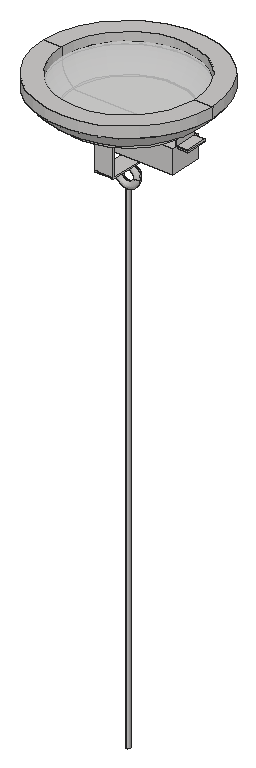
Revit family "0039317", category Lighting Fixtures, host Face, Revit 2017
Family settings
  Host = Face
  Round Connector Dimension = Use Diameter
  Part Type = Normal
  OmniClass Number = 23.80.70.11.17
  OmniClass Title = Specialized Lighting by Location or Use
  Cut with Voids When Loaded = No
  Light Source = Yes
  Shared = No
  Room Calculation Point = No
Parameters (values of type "START LED HIGHBAY 4000K 20KLM MEDIUM DALI")
  Weight = 4.5 kg
  Wattage = 188.541 W
  built-in parameter 1150110 = 1 (stored number, unit not read)
  Voltage Comments = "UNV (Universal Voltage; 220-240 Volt)"  # constant formula
  Voltage = 230 V  # constant formula
  URL = "https://www.sylvania-lighting.com"
  Radius = 140.2 mm
  Mounting Material = Metal_Sylvania_Start LED HighBay_Silver
  Mounting Height = 1000.0 mm
  Mounting Radius = 50.0 mm
  Mounting Brackets Distance = Radius - 45.5 mm  # 94.7 mm
  Mounting Bracket Width = 100.0 mm
  Mounting Bracket Length = 30.0 mm
  Housing Material = Magnesium_Sylvania_Start LED HighBay_Silver_RAL 9006
  Energy Class = "A++,A+,A"  # constant formula
  Electrical Protection = "CLASS I"  # constant formula
  Diffuser Radius = Radius - 30.0 mm  # 110.2 mm
  built-in parameter 1114217 = 1 (stored number, unit not read)
  Tilt Angle = -90°
  built-in parameter 1150109 = 1 (stored number, unit not read)
  built-in parameter 1150134 = 12
  built-in parameter 1150113 = 1 (stored number, unit not read)
  Product Page URL = "https://www.sylvania-lighting.com/product/en-int/products/0039317"
  Product Family = "Start LED Highbay"  # constant formula
  Photometry Comments = ""
  Photometric Web File = "0039317_STARTLEDHIGHBAY4000K20KLMMEDIUMDALI-207940.ies"
  Life = "50 000 h"  # constant formula
  IP Rating = "IP65"  # constant formula
  IK Rating = "IK08"  # constant formula
  Emit from Circle Diameter = Diffuser Diameter  # 220.4 mm
  Drive Current = "4200 mA"
  Diffuser Diameter = Diameter - 60.0 mm  # 220.4 mm
  Diffuser Material = Polycarbonate_Sylvania_Start LED HighBay_Clear
  built-in parameter 1114216 [instance] = 1 (stored number, unit not read)
  Model = "START LED HIGHBAY 4000K 20KLM MEDIUM DALI"
  Manufacturer = "Feilo-Sylvania Group"
  built-in parameter 1150105 = 22226.5 (stored number, unit not read)
  Lumens = 20962 lm
  built-in parameter 1150115 = 1 (stored number, unit not read)
  built-in parameter 1150137 = (empty or 0)
  built-in parameter 1150139 = (empty or 0)
  built-in parameter 1150112 = 1 (stored number, unit not read)
  built-in parameter 1150114 = 1 (stored number, unit not read)
  Lamp = "LED Panel"  # constant formula
  built-in parameter 1150132 = 2
  built-in parameter 1150102 = (empty or 0)
  built-in parameter 1150107 = 4000 (stored number, unit not read)
  built-in parameter 1150138 = (empty or 0)
  built-in parameter 1150106 = 222.26 (stored number, unit not read)
  Diameter = Radius * 2  # 280.4 mm
  Emit Shape Visible in Rendering = yes
  built-in parameter 1150104 = 10.329 (stored number, unit not read)
  Dimming Lamp Color Temperature Shift = <None>
  Description = "The new Start LED Highbay is a range of industrial fixtures developed for retail, industry, manufacturing, airports and data centres. Start LED Highbay delivers high performance: up to 21,573 lm (luminaire lumen output on 190W version) and delivers up to 114 lm/W (total system efficiency). Start LED Highbay is available in 2 versions (95W or 190W) and 2 beam angles (medium or wide beam), allowing you to choose the best option depending the job on hand. Being part of the EVO LED range of luminaires means Start LED Highbay has been developed for efficiency, functionality and reliability; making it the go-to range for installers and contractors."  # constant formula
  Default Elevation = 0.0 mm
  Color Filter = 16777215
  Catalog Number = "0039317 START LED HIGHBAY 4000K 20KLM MEDIUM DALI"
  built-in parameter 1140040 [instance] = 1
  Beam Angle = 55°
  built-in parameter 1114218 = 1 (stored number, unit not read)
  built-in parameter 1150133 = 10 (stored number, unit not read)
  Assembly Code = "D5020200"
  Apparent Load Comments = ""
  Apparent Load = 190 VA
Reference planes
  plane 1 "Center (Front/Back)": y = 0
  plane 2 "Fixture Top": z = 0
  plane 3 "Center (Left/Right)": x = 0
  plane 4 "Fixture Bottom": z = 1000
  plane 5: z = 982
  plane 6 "Head Top": z = 942
  plane 7: z = 986.5
  plane 8: z = 850
  plane 9: z = 932
  plane 10: z = 894.5
  plane 11: z = 870
  plane 12: z = 945
  plane 13: y = -50
  plane 14: y = 50
  plane 15: x = 15
  plane 16: x = -15
  plane 17: y = -17.5
  plane 18: y = 17.5
  plane 19: x = -94.7
  plane 20: x = 94.7
  plane 21: y = -25.5
  plane 22: y = 25.5
Forms (mm)
  Revolve 1, solid, material "Magnesium_Sylvania_Start LED HighBay_Silver_RAL 9006" <- "Housing Material", detail levels fine
    sketch origin (0, 0, 0) x (1, 0, 0) y (0, 0, 1)
      loop
        line (-140.2, 1000) -> (-140.2, 982)
        arc (-140.2, 982) -> (-119.514, 960.962) -> (-94.7, 945) r 133.031
        line (-94.7, 945) -> (-94.7, 942) -> (0, 942) -> (0, 945) -> (-91.718, 945) -> (-91.718, 947)
        arc (-91.718, 947) -> (-105.296, 962.21) -> (-110.2, 982) r 42.382
        line (-110.2, 982) -> (-110.2, 1000) -> (-140.2, 1000)
      axis (0, 1000) -> (0, 942)
    angle from 0 to 360
  Extrusion 2, solid, material "Metal_Sylvania_Start LED HighBay_Silver" <- "Mounting Material", detail levels fine
    sketch origin (0, 0, 0) x (0, 1, 0) y (0, 0, 1)
      loop
        line (50, 942) -> (48, 942) -> (48, 874)
        arc (48, 874) -> (47.414, 872.586) -> (46, 872) r 2
        line (46, 872) -> (-46, 872)
        arc (-46, 872) -> (-47.414, 872.586) -> (-48, 874) r 2
        line (-48, 874) -> (-48, 942) -> (-50, 942) -> (-50, 872)
        arc (-50, 872) -> (-49.414, 870.586) -> (-48, 870) r 2
        line (-48, 870) -> (48, 870)
        arc (48, 870) -> (49.414, 870.586) -> (50, 872) r 2
        line (50, 872) -> (50, 942)
    from -15 to 15
  Sweep 3, solid, material "Metal_Sylvania_Start LED HighBay_Silver" <- "Mounting Material", detail levels fine
    path origin (0, 0, 0) x (1, 0, 0) y (0, 0, 1)
      loop
        circle (0, 850) r 15
    profile origin (0, 0, 865) x (0, 0, -1) y (0, -1, 0)
      loop
        circle (0, 0) r 5
  Extrusion 4, solid, material "Magnesium_Sylvania_Start LED HighBay_Silver_RAL 9006" <- "Housing Material", detail levels fine
    sketch origin (0, 0, 0) x (1, 0, 0) y (0, 0, 1)
      loop
        line (-94.7, 942) -> (-94.7, 934) -> (-112.7, 934) -> (-112.7, 932) -> (-92.7, 932) -> (-92.7, 940) -> (-74.7, 940) -> (-74.7, 942) -> (-94.7, 942)
      loop
        line (94.7, 942) -> (74.7, 942) -> (74.7, 940) -> (92.7, 940) -> (92.7, 932) -> (112.7, 932) -> (112.7, 934) -> (94.7, 934) -> (94.7, 942)
    from -17.5 to 17.5
  Extrusion 5, solid, material "Magnesium_Sylvania_Start LED HighBay_Silver_RAL 9006" <- "Housing Material", detail levels fine
    sketch origin (0, 0, 0) x (0, 1, 0) y (0, 0, 1)
      loop
        line (25.5, 894.5) -> (25.5, 932) -> (-25.5, 932) -> (-25.5, 894.5) -> (25.5, 894.5)
    from -94.7 to 94.7
  Extrusion 6, solid, material "Magnesium_Sylvania_Start LED HighBay_Silver_RAL 9006" <- "Housing Material", detail levels fine
    sketch origin (0, 0, 0) x (1, 0, 0) y (0, 0, 1)
      loop
        line (-112.7, 932) -> (-112.7, 930) -> (-94.7, 930) -> (-94.7, 932) -> (-112.7, 932)
      loop
        line (112.7, 932) -> (94.7, 932) -> (94.7, 930) -> (112.7, 930) -> (112.7, 932)
    from -17.5 to 17.5
  Extrusion 7, solid, material "Metal_Sylvania_Start LED HighBay_Silver" <- "Mounting Material", detail levels fine
    sketch origin (0, 0, 13.919) x (0, -1, 0) y (1, 0, 0)
      loop
        circle (0, 0) r 3
    from -13.919 to 821.081
  Extrusion 8, solid, material "Polycarbonate_Sylvania_Start LED HighBay_Clear" <- "Diffuser Material", detail levels fine
    sketch origin (0, 0, 15) x (0, -1, 0) y (1, 0, 0)
      loop
        circle (0, 0) r 110.2
    from 967 to 971.5
  Revolve 9, solid, material "Magnesium_Sylvania_Start LED HighBay_Silver_RAL 9006" <- "Housing Material", detail levels coarse+medium
    sketch origin (0, 0, 0) x (1, 0, 0) y (0, 0, 1)
      loop
        line (-140.2, 1000) -> (-140.2, 982)
        arc (-140.2, 982) -> (-119.514, 960.962) -> (-94.7, 945) r 133.031
        line (-94.7, 945) -> (-94.7, 942) -> (0, 942) -> (0, 1000) -> (-140.2, 1000)
      axis (0, 942) -> (0, 1000)
    angle from 0 to 360
  Extrusion 10, solid, material "Metal_Sylvania_Start LED HighBay_Silver" <- "Mounting Material", detail levels coarse+medium
    sketch origin (0, 0, 15) x (0, -1, 0) y (1, 0, 0)
      loop
        line (-50, -15) -> (50, -15) -> (50, 15) -> (-50, 15) -> (-50, -15)
    from 855 to 927
Cuts and joins
  joined: Extrusion 5, Extrusion 6
  joined: Sweep 3, Extrusion 7
Lines and regions (mm)
  model lines, detail levels coarse+medium
    curve 1: line (0, 0, 870) -> (0, 0, 0)
Dimensions and locks
  "Radius": plane 3 "Center (Left/Right)" to Revolve 1 sketch curve
  "Diffuser Radius": plane 3 "Center (Left/Right)" to Revolve 1 sketch curve
  locked: Revolve 1 sketch curve to Revolve 1 sketch curve at 45.5
  locked: Revolve 1 sketch curve to Revolve 1 sketch curve at 48.482
  equal spacing: plane 14, plane 1 "Center (Front/Back)", plane 13
  "Mounting Bracket Width": plane 14 to plane 13
  locked: plane 14 to Extrusion 2 sketch curve at 2
  locked: Extrusion 2 sketch curve to plane 13 at 2
  locked: Extrusion 2 sketch curve to plane 11 at 2
  equal spacing: plane 16, plane 3 "Center (Left/Right)", plane 15
  "Mounting Bracket Length": plane 16 to plane 15
  plane 17 to plane 21 to plane 13 = 8.0 mm locked, 24.5 mm
  plane 14 to plane 22 to plane 18 = 24.5 mm locked, 8.0 mm
  locked: plane 9 to Extrusion 4 sketch curve at 2  (x2)
  locked: Extrusion 4 sketch curve to plane 6 "Head Top" at 2  (x2)
  Extrusion 4 sketch curve to Extrusion 4 sketch curve to Extrusion 4 sketch curve to Extrusion 4 sketch curve = 18.0 mm locked, 2.0 mm locked, 18.0 mm locked  (x2)
  "Mounting Brackets Distance": Extrusion 4 sketch curve to plane 3 "Center (Left/Right)"  (x2)
  plane 1 "Center (Front/Back)" to Extrusion 5 sketch curve = 25.5 mm
  Extrusion 5 sketch curve to plane 1 "Center (Front/Back)" = 25.5 mm
  locked: plane 9 to Extrusion 6 sketch curve at 2
  locked: Extrusion 6 sketch curve to Extrusion 6 sketch curve at 2
  locked: plane 8 to Extrusion 7 at 15
  plane 4 "Fixture Bottom" to plane 7 to plane 5 to plane 12 to plane 6 "Head Top" to plane 9 to plane 10 to plane 11 to plane 8 = 13.5 mm locked, 4.5 mm locked, 37.0 mm, 3.0 mm locked, 10.0 mm locked, 37.5 mm locked, 24.5 mm locked, 20.0 mm locked
  "Mounting Height": plane 4 "Fixture Bottom" to plane 2 "Fixture Top"
  locked: Revolve 9 sketch curve to Revolve 9 sketch curve at 45.5
  "Radius": imposter light to Revolve 9 sketch curve
  locked: Revolve 1 sketch curve to plane 12 at 2
  equal spacing: plane 20, plane 3 "Center (Left/Right)", plane 19
  "Mounting Brackets Distance": plane 3 "Center (Left/Right)" to plane 19
  "Diffuser Diameter": diameter of Extrusion 8 sketch curve
  aligned and locked: plane 2 "Fixture Top" to host face
  aligned and locked: level to host face
  aligned and locked: plane 1 "Center (Front/Back)" to imposter light
  aligned and locked: Revolve 1 sketch curve to plane 6 "Head Top"
  aligned and locked: Revolve 1 sketch curve to plane 3 "Center (Left/Right)"  (x2)
  aligned and locked: plane 5 to Revolve 1 sketch curve  (x2)
  aligned and locked: plane 4 "Fixture Bottom" to Revolve 1 sketch curve
  aligned and locked: Revolve 1 sketch curve to plane 12
  aligned and locked: Extrusion 2 sketch curve to plane 14
  aligned and locked: plane 13 to Extrusion 2 sketch curve
  aligned and locked: plane 6 "Head Top" to Extrusion 2 sketch curve
  aligned and locked: Extrusion 2 sketch curve to plane 11
  aligned and locked: Extrusion 2 to plane 15
  aligned and locked: Extrusion 2 to plane 16
  aligned and locked: plane 17 to Extrusion 4
  aligned and locked: plane 18 to Extrusion 4
  aligned and locked: plane 9 to Extrusion 5 sketch curve
  aligned and locked: Extrusion 5 sketch curve to plane 10
  aligned and locked: plane 20 to Extrusion 5
  aligned and locked: plane 19 to Extrusion 5
  aligned and locked: Extrusion 6 sketch curve to Extrusion 4  (x4)
  aligned and locked: plane 19 to Extrusion 6 sketch curve
  aligned and locked: Extrusion 6 sketch curve to plane 20
  aligned and locked: plane 18 to Extrusion 6
  aligned and locked: plane 17 to Extrusion 6
  aligned and locked: cut or joined group of Sweep 3, Extrusion 7 to plane 2 "Fixture Top"
  aligned and locked: plane 7 to Extrusion 8
  aligned and locked: Extrusion 8 to plane 5
  aligned and locked: imposter light to plane 4 "Fixture Bottom"
  aligned and locked: plane 3 "Center (Left/Right)" to imposter light
  aligned and locked: imposter light to Revolve 9 sketch curve
  aligned and locked: plane 5 to Revolve 9 sketch curve
  aligned and locked: plane 12 to Revolve 9 sketch curve
  aligned and locked: Revolve 9 sketch curve to plane 6 "Head Top"
  aligned and locked: Revolve 9 sketch curve to plane 3 "Center (Left/Right)"
  aligned and locked: Revolve 9 sketch curve to imposter light
  aligned and locked: plane 15 to Extrusion 10 sketch curve
  aligned and locked: Extrusion 10 sketch curve to plane 16
  aligned and locked: plane 14 to Extrusion 10 sketch curve
  aligned and locked: Extrusion 10 sketch curve to plane 13
  aligned and locked: plane 6 "Head Top" to Extrusion 10
  aligned and locked: Extrusion 10 to plane 11
  aligned and locked: plane 2 "Fixture Top" to curve 1
  aligned and locked: curve 1 to plane 3 "Center (Left/Right)"
  aligned and locked: plane 11 to curve 1
  aligned and locked: plane 21 to cut or joined group of Extrusion 5, Extrusion 6
  aligned and locked: plane 22 to cut or joined group of Extrusion 5, Extrusion 6
Automatic sketch dimensions
  host sketch curve to host sketch curve = 1305.563 mm
  host sketch curve to host sketch curve = 1283.632 mm
  Extrusion 2 sketch curve to plane 6 "Head Top" = 0.0 mm
  Extrusion 2 sketch curve to plane 13 = 2.0 mm
  Extrusion 2 sketch curve to Extrusion 2 sketch curve = 2.0 mm  (x2)
  plane 14 to Extrusion 2 sketch curve = 2.0 mm
  Sweep 3 sketch curve to plane 3 "Center (Left/Right)" = 0.0 mm
  Sweep 3 sketch curve to plane 8 = 0.0 mm
  Sweep 3 sketch curve to plane 1 "Center (Front/Back)" = 0.0 mm
  Sweep 3 sketch curve to profile plane = 0.0 mm
  plane 1 "Center (Front/Back)" to Extrusion 7 sketch curve = 0.0 mm
  Extrusion 7 sketch curve to plane 3 "Center (Left/Right)" = 0.0 mm
  Revolve 1 sketch curve to plane 12 = 0.0 mm
  plane 16 to Revolve 1 sketch curve = 20.583 mm
  Revolve 1 sketch curve to level = 372.274 mm
  Revolve 1 sketch curve to Revolve 1 sketch curve = 303.842 mm
  Extrusion 4 sketch curve to plane 9 = 0.0 mm  (x2)
  Extrusion 4 sketch curve to plane 6 "Head Top" = 0.0 mm  (x2)
  plane 1 "Center (Front/Back)" to Extrusion 8 sketch curve = 0.0 mm
  Extrusion 8 sketch curve to plane 3 "Center (Left/Right)" = 0.0 mm
  plane 16 to Revolve 9 sketch curve = 20.583 mm
  Revolve 9 sketch curve to plane 8 = 154.8 mm
  Revolve 9 sketch curve to Revolve 9 sketch curve = 240.626 mm
  radius of Sweep 3 sketch curve = 15.0 mm
  radius of Sweep 3 sketch curve = 5.0 mm
  radius of Extrusion 7 sketch curve = 3.0 mm
Connectors
  electrical at (0, 0, 0), driven by "Voltage", driven by "Apparent Load"
    settings: on cut or joined group of Sweep 3, Extrusion 7, index 1, voltage 230 V, apparent load 0 VA, apparent load phase1 190 VA, apparent load phase2 0 VA, apparent load phase3 0 VA, power factor 1, load classification "Lighting", number of poles 1, system type 31, power factor state 1, is connector primary yes, connector utility no, sub classification motor no, connector description ""
